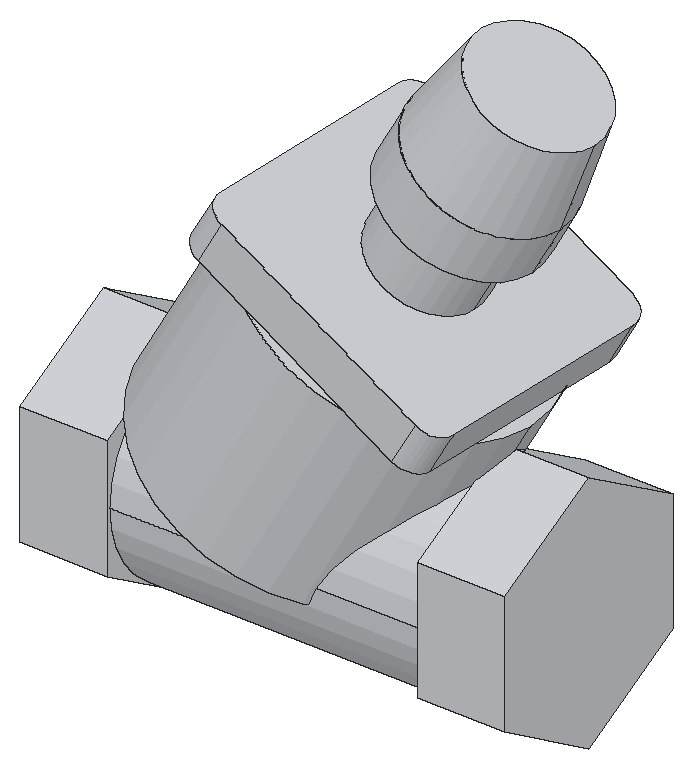
Revit family "OPTIMA_Compact_FF_DN32_5,5_RFA_2019", category Pipe Accessories, Revit 2019
Family settings
  Round Connector Dimension = Use Diameter
  Part Type = Valve - Breaks Into
  Work Plane-Based = No
  Always vertical = Yes
  Cut with Voids When Loaded = No
  Shared = No
Parameters (values of type "OPTIMA Compact DN32 F-F 5.5mm")
  magiProductId = "b339906595e54d959f7e36e14a5078"
  magiProductFamilyId = "52eeb9fa0c9d42c987a78ea14b42d3"
  magiPartTypeId = 304
  isMeasuringValve [instance] = no
  ang2D [instance] = 0.00°
  Z = 1 mm
  X = 13 mm
  W2D = 32 mm
  VersionID = "2.0/2018.8.28.1/FRESE_OPTIMA-COMPACT-FF_001"
  Use Minimum Symbol Size [instance] = yes
  URL = "www.hydronix.cz"
  Type Comments = "vnitřní závit; PN25; 0~120°C, bez měřicích vsuvek"
  R9 = 8 mm
  R8 = 14 mm
  R7 = 17 mm
  R6 = 12 mm
  R5 = 5 mm
  R4 = 29 mm
  R3 = 31.5 mm
  R2 = 22 mm
  R1 = 26 mm
  QmdConnectorList = "301;D;302;D"
  Productdata [instance] = ""
  PLG0 = no
  Manufacturer = "Hydronix"
  MC Product Code = "53-1354  (5/4\" F-F; 5.5mm; Qmin-dpmin 550l/h-17.9kPa; Qmax-dpmin 4001l/h-28.0kPa; dpmax 800kPa)"
  MC Piping Given Pressure Drop [instance] = 0.0 Pa
  LL = 52 mm
  L3 = 12.5 mm
  L2D_Min = 3048 mm
  L2D = 104 mm
  L2 = 66.56 mm
  L1__ve = -L1  # -18.72 mm
  L1 = 18.72 mm
  H6__ve = -H6  # -68 mm
  H6 = 68 mm
  H5 = 20 mm
  H4 = 12 mm
  H3 = 16 mm
  H2 = 10 mm
  H1 = 46 mm
  Description = "Tlakově nezávislý 2-cestný regulační vyvažovací ventil (PICV)"
  D = 32 mm
  CenSd_R1_6 = R1 * cos(30.00°)  # 22.517 mm
  A = 30.00°
Types (6, lengths in mm): name | magiProductId | Z | X | R4 | R3 | R2 | R1 | MC Product Code | LL | L3 | L2 | L1__ve | L1 | H6__ve | H6 | H3 | H2 | H1 | D | CenSd_R1_6
  OPTIMA Compact DN32 F-F 5.5mm | "b339906595e54d959f7e36e14a5078" | 1 | 13 | 29 | 31.5 | 22 | 26 | "53-1354  (5/4\" F-F; 5.5mm; Qmin-dpmin 550l/h-17.9kPa; Qmax-dpmin 4001l/h-28.0kPa; dpmax 800kPa)" | 52 | 12.5 | 66.56 | -18.72 | 18.72 | -68 | 68 | 16 | 10 | 46 | 32 | 22.517
  OPTIMA Compact DN15 F-F 2.5mm | "1f59e983221c4705b905dca277ac1b" | 0 | 7 | 19 | 19 | 12 | 15 | "53-1344  (1/2\" F-F; 2.5mm; Qmin-dpmin 100l/h-14.9kPa; Qmax-dpmin 575l/h-18.5kPa; dpmax 800kPa)" | 37.5 | 11 | 48 | -13.5 | 13.5 | -57 | 57 | 18 | 8 | 26 | 15 | 12.99
  OPTIMA Compact DN15 F-F 5.0mm | "ed735bb751334d9b9367ccb2001bd8" | 0 | 7 | 19 | 19 | 12 | 15 | "53-1345  (1/2\" F-F; 5.0mm; Qmin-dpmin 220l/h-16.0kPa; Qmax-dpmin 1330l/h-21.6Pa; dpmax 800kPa)" | 37.5 | 11 | 48 | -13.5 | 13.5 | -57 | 57 | 18 | 8 | 26 | 15 | 12.99
  OPTIMA Compact DN20 F-F 5.0mm | "3fe8f468b8a34e8b9375925b2f5228" | 0 | 10 | 19 | 19 | 13.5 | 17.5 | "53-1348  (3/4\" F-F; 5.0mm; Qmin-dpmin 220l/h-16.0kPa; Qmax-dpmin 1330l/h-21.6Pa; dpmax 800kPa)" | 39.5 | 11 | 50.56 | -14.22 | 14.22 | -59.5 | 59.5 | 18 | 8 | 26 | 20 | 15.155
  OPTIMA Compact DN20 F-F 5.5mm | "3f04956b0a9346f48e327241883a91" | 0 | 10 | 19 | 19 | 13.5 | 17.5 | "53-1318  (3/4\" F-F; 5.5mm; Qmin-dpmin 300l/h-17.8kPa; Qmax-dpmin 1800l/h-40.0Pa; dpmax 800kPa)" | 39.5 | 11 | 50.56 | -14.22 | 14.22 | -59.5 | 59.5 | 18 | 8 | 26 | 20 | 15.155
  OPTIMA Compact DN25 F-F 5.5mm | "a6a3417af38f4ebebee56b059e5e27" | 0 | 13 | 29 | 31.5 | 18.5 | 22 | "53-1353  (1\" F-F; 5.5mm; Qmin-dpmin 600l/h-17.3kPa; Qmax-dpmin 3609l/h-23.0Pa; dpmax 800kPa)" | 50 | 12.5 | 64 | -18 | 18 | -64 | 64 | 16 | 10 | 43 | 25 | 19.053
Reference planes
  plane 1 "Center (Front/Back)": y = 0
  plane 2 "XYPLANE": z = 0
  plane 3 "Center (Left/Right)": x = 0
  plane 4 "267": x = 12.5
  plane 5 "266": x = -12.5
  plane 6 "252": through (-597.019, 0, 465.933) normal (0.5, 0, 0.866)
  plane 7 "250": through (-607.019, 0, 448.612) normal (0.5, 0, 0.866)
  plane 8 "248": through (-613.019, 0, 438.22) normal (0.5, 0, 0.866)
  plane 9 "245": through (-621.019, 0, 424.363) normal (0.5, 0, 0.866)
  plane 10 "241": through (338.627, 0, 670.519) normal (0.866, 0, -0.5)
  plane 11 "240": through (388.856, 0, 641.519) normal (0.866, 0, -0.5)
  plane 12 "239": y = -29
  plane 13 "238": y = 29
  plane 14 "237": through (-626.019, 0, 415.703) normal (0.5, 0, 0.866)
  plane 15 "235": through (-649.019, 0, 375.866) normal (0.5, 0, 0.866)
  plane 16 "231": y = 0
  plane 17 "230": through (363.742, 0, 656.019) normal (0.866, 0, -0.5)
  plane 18 "211": x = -33.28
  plane 19 "204": x = 52
  plane 20 "203": x = -52
  plane 21 "202": x = 0
  plane 22 "201": z = 0
  plane 23 "200": y = 0
  plane 24 "227XY": through (-649.519, 0, 375) normal (0.5, 0, 0.866)
  plane 25 "227XZ": y = 0
  plane 26 "227YZ": through (375, 0, 649.519) normal (0.866, 0, -0.5)
Forms (mm)
  Extrusion 1, solid
    sketch origin (52, -750, 0) x (0, 1, 0) y (0, 0, 1)
      loop
        line (750, 26) -> (727.483, 13) -> (727.483, -13) -> (750, -26) -> (772.517, -13) -> (772.517, 13) -> (750, 26)
    from 0 to -18.72 <- "L1__ve"
  Extrusion 2, solid
    sketch origin (-52, -750, 0) x (0, 1, 0) y (0, 0, 1)
      loop
        line (750, 26) -> (727.483, 13) -> (727.483, -13) -> (750, -26) -> (772.517, -13) -> (772.517, 13) -> (750, 26)
    from 0 to 18.72 <- "L1"
  Extrusion 3, solid, visible <- "PLG0"
    sketch origin (-750, 0, 0) x (1, 0, 0) y (0, 1, 0)
      loop
        circle (762.5, 0) r 8
    from 0 to -68 <- "H6__ve"
  Extrusion 4, solid, visible <- "PLG0"
    sketch origin (-750, 0, 0) x (1, 0, 0) y (0, 1, 0)
      loop
        circle (737.5, 0) r 8
    from 0 to -68 <- "H6__ve"
  Blend 5, solid
    base sketch origin (-607.019, 0, 448.612) x (0.866025, 0, -0.5) y (0, 1, 0)
      loop
        circle (737, 0) r 17
    top sketch origin (-607.019, 0, 448.612) x (0.866025, 0, -0.5) y (0, 1, 0)
      loop
        circle (737, 0) r 14
    from 0 to 20
  Extrusion 6, solid
    sketch origin (-613.019, 0, 438.22) x (0.866025, 0, -0.5) y (0, 1, 0)
      loop
        circle (737, 0) r 17
    from 0 to 12 <- "H4"
  Extrusion 7, solid
    sketch origin (-621.019, 0, 424.363) x (0.866025, 0, -0.5) y (0, 1, 0)
      loop
        circle (737, 0) r 12
    from 0 to 16 <- "H3"
  Extrusion 8, solid
    sketch origin (-626.019, 0, 415.703) x (0.866025, 0, -0.5) y (0, 1, 0)
      loop
        arc (713, 29) -> (709.464, 27.536) -> (708, 24) r 5
        line (708, 24) -> (708, -24)
        arc (708, -24) -> (709.464, -27.536) -> (713, -29) r 5
        line (713, -29) -> (761, -29)
        arc (761, -29) -> (764.536, -27.536) -> (766, -24) r 5
        line (766, -24) -> (766, 24)
        arc (766, 24) -> (764.536, 27.536) -> (761, 29) r 5
        line (761, 29) -> (713, 29)
    from 0 to 10 <- "H2"
  Extrusion 9, solid
    sketch origin (-649.019, 0, 375.866) x (0.866025, 0, -0.5) y (0, 1, 0)
      loop
        circle (737, 0) r 31.5
    from 0 to 46 <- "H1"
  Extrusion 10, solid
    sketch origin (-33.28, -750, 0) x (0, 1, 0) y (0, 0, 1)
      loop
        circle (750, 0) r 22
    from 0 to 66.56 <- "L2"
  Extrusion 11, solid, not visible
    sketch origin (52, -750, 0) x (0, 1, 0) y (0, 0, 1)
      loop
        circle (750, 0) r 10
    from 0 to -10
  Extrusion 12, solid, not visible
    sketch origin (-52, -750, 0) x (0, 1, 0) y (0, 0, 1)
      loop
        circle (750, 0) r 10
    from 0 to 10
Lines and regions (mm)
  reference lines, not visible
    curve 1: circle (2, 2, 0) r 1 normal (0, 0, 1)
  reference lines
    curve 2: line (52, 0, 0) -> (52, -11.258, -6.5)
    curve 3: line (52, 0, 0) -> (52, 0, -13)
    curve 4: line (52, 0, 0) -> (52, 11.258, -6.5)
    curve 5: line (-52, 0, 0) -> (-52, 11.258, -6.5)
    curve 6: line (-52, 0, 0) -> (-52, 0, -13)
    curve 7: line (-52, 0, 0) -> (-52, -11.258, -6.5)
Dimensions and locks
  plane 1 "Center (Front/Back)" to curve 1 = 2 mm
  "L3": plane 3 "Center (Left/Right)" to plane 4 "267"
  "L3": plane 3 "Center (Left/Right)" to plane 5 "266"
  "H5": plane 7 "250" to plane 6 "252"
  "H4": plane 8 "248" to plane 7 "250"
  "H3": plane 9 "245" to plane 8 "248"
  "H2": plane 14 "237" to plane 9 "245"
  "R4": plane 17 "230" to plane 10 "241"
  "R4": plane 17 "230" to plane 11 "240"
  "R4": plane 23 "200" to plane 12 "239"
  "R4": plane 23 "200" to plane 13 "238"
  "H1": plane 15 "235" to plane 14 "237"
  "Z": plane 24 "227XY" to plane 15 "235"
  locked: plane 23 "200" to plane 16 "231"
  "X": plane 26 "227YZ" to plane 17 "230"
  "L1": plane 20 "203" to plane 18 "211"
  "LL": plane 3 "Center (Left/Right)" to plane 19 "204"
  "LL": plane 3 "Center (Left/Right)" to plane 20 "203"
  locked: plane 3 "Center (Left/Right)" to plane 21 "202"
  locked: plane 2 "XYPLANE" to plane 22 "201"
  locked: plane 1 "Center (Front/Back)" to plane 23 "200"
  "CenSd_R1_6": curve 2 to Extrusion 1 sketch curve  (x2)
  "CenSd_R1_6": curve 3 to Extrusion 1 sketch curve  (x2)
  "CenSd_R1_6": curve 4 to Extrusion 1 sketch curve  (x2)
  Extrusion 1 sketch curve to Extrusion 1 sketch curve = 0 mm  (x12)
  "CenSd_R1_6": curve 5 to Extrusion 2 sketch curve  (x2)
  "CenSd_R1_6": curve 6 to Extrusion 2 sketch curve  (x2)
  "CenSd_R1_6": curve 7 to Extrusion 2 sketch curve  (x2)
  Extrusion 2 sketch curve to Extrusion 2 sketch curve = 0 mm  (x12)
  Extrusion 8 sketch curve to Extrusion 8 sketch curve = 0 mm  (x16)
  "R9": radius of Extrusion 3 sketch curve
  "R9": radius of Extrusion 4 sketch curve
  "R8": radius of Blend 5 sketch curve
  "R7": radius of Blend 5 sketch curve
  "R7": radius of Extrusion 6 sketch curve
  "R6": radius of Extrusion 7 sketch curve
  "R5": radius of Extrusion 8 sketch curve  (x4)
  "R3": radius of Extrusion 9 sketch curve
  "R2": radius of Extrusion 10 sketch curve
  locked: curve 3 to curve 2 (angle 60.00°)
  locked: curve 4 to curve 3 (angle 60.00°)
  locked: curve 4 to curve 2 (angle 120.00°)
  locked: curve 6 to curve 5 (angle 60.00°)
  locked: curve 7 to curve 6 (angle 60.00°)
  locked: curve 7 to curve 5 (angle 120.00°)
  aligned and locked: level to plane 2 "XYPLANE"
  aligned and locked: plane 22 "201" to curve 4
  aligned and locked: curve 4 to plane 23 "200"
  aligned and locked: plane 22 "201" to curve 7
  aligned and locked: curve 7 to plane 23 "200"
  aligned and locked: plane 4 "267" to Extrusion 3 sketch curve
  aligned and locked: plane 23 "200" to Extrusion 3 sketch curve
  aligned and locked: plane 5 "266" to Extrusion 4 sketch curve
  aligned and locked: plane 23 "200" to Extrusion 4 sketch curve
  aligned and locked: plane 16 "231" to Blend 5 sketch curve  (x2)
  aligned and locked: Blend 5 sketch curve to plane 17 "230"  (x2)
  aligned and locked: plane 6 "252" to Blend 5
  aligned and locked: plane 16 "231" to Extrusion 6 sketch curve
  aligned and locked: Extrusion 6 sketch curve to plane 17 "230"
  aligned and locked: plane 16 "231" to Extrusion 7 sketch curve
  aligned and locked: Extrusion 7 sketch curve to plane 17 "230"
  aligned and locked: Extrusion 8 sketch curve to plane 10 "241"
  aligned and locked: Extrusion 8 sketch curve to plane 12 "239"
  aligned and locked: Extrusion 8 sketch curve to plane 11 "240"
  aligned and locked: plane 13 "238" to Extrusion 8 sketch curve
  aligned and locked: plane 16 "231" to Extrusion 9 sketch curve
  aligned and locked: Extrusion 9 sketch curve to plane 17 "230"
  aligned and locked: plane 22 "201" to Extrusion 10 sketch curve
  aligned and locked: Extrusion 10 sketch curve to plane 23 "200"
  aligned and locked: plane 22 "201" to Extrusion 11 sketch curve
  aligned and locked: Extrusion 11 sketch curve to plane 23 "200"
  aligned and locked: plane 22 "201" to Extrusion 12 sketch curve
  aligned and locked: Extrusion 12 sketch curve to plane 23 "200"
Automatic sketch dimensions
  plane 1 "Center (Front/Back)" to Extrusion 11 sketch curve = 10 mm
  plane 1 "Center (Front/Back)" to Extrusion 12 sketch curve = 10 mm
  plane 3 "Center (Left/Right)" to curve 1 = 2 mm
  radius of curve 1 = 1 mm
Connectors
  piping at (-52, 0, 0), diameter 32, driven by "D"
    settings: on Extrusion 12, index 1, connector inside diameter 609.6 mm, connector length 0 mm, flow factor 0, pipe flow 0.0 L/s, pressure drop 0.0 Pa, fitting loss kfactor 0, connector angle 0.00°, fixture units 0, engagement length 0 mm, angle of deflection 0.00°, flow configuration 0, flow direction 0, fitting loss method 0, system type 29, joint type 0, gender type 0, connector reference index 2, connector utility 0, adjustable connector no, is connector primary yes, connector description ""
  piping at (52, 0, 0), diameter 32, driven by "D"
    settings: on Extrusion 11, index 2, connector inside diameter 609.6 mm, connector length 0 mm, flow factor 0, pipe flow 0.0 L/s, pressure drop 0.0 Pa, fitting loss kfactor 0, connector angle 0.00°, fixture units 0, engagement length 0 mm, angle of deflection 0.00°, flow configuration 0, flow direction 0, fitting loss method 0, system type 29, joint type 0, gender type 0, connector reference index 1, connector utility 0, adjustable connector no, is connector primary no, connector description ""
